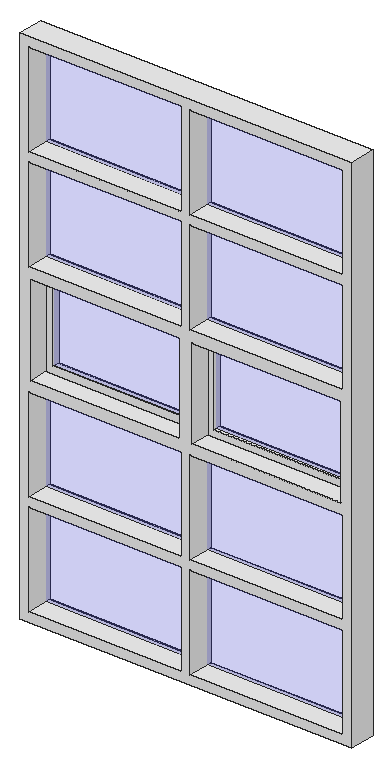
Revit family
Parameters
  창 패널 = ACW1 창 패널
  창 프레임 = ACW1 창 프레임
  Height = 3000 mm
  절반 창 두께 = 창 두께 / 2  # 75 mm
  기본 씰 높이 = 400 mm
  Wall Closure = (empty or 0)
  Width = 1897 mm
  창 두께 = 150 mm
Reference planes
  plane 1: y = 0
  plane 2 "중심(왼쪽/오른쪽)": x = 0
  plane 3 "씰": z = 0
  plane 4 "외부": y = 100
  plane 5 "내부": y = -100
  plane 6: y = -75
  plane 7: y = 75
  plane 8: y = 66
  plane 9: y = 44
  plane 10: y = 35
  plane 11: z = 400
  plane 12: z = 3400
  plane 13: z = 3350
  plane 14: z = 3375
  plane 15: z = 2810
  plane 16: z = 2760
  plane 17: z = 2785
  plane 18: z = 2220
  plane 19: z = 2170
  plane 20: z = 2195
  plane 21: z = 1630
  plane 22: z = 1580
  plane 23: z = 1605
  plane 24: z = 1040
  plane 25: z = 990
  plane 26: z = 1015
  plane 27: x = 948.5
  plane 28: x = -948.5
  plane 29: x = 898.5
  plane 30: x = -898.5
  plane 31: x = 25
  plane 32: x = -25
  plane 33: z = 450
  plane 34: z = 425
  plane 35: z = 2120
  plane 36: z = 1680
  plane 37: x = -848.5
  plane 38: x = -75
  plane 39: x = 75
  plane 40: x = 848.5
  plane 41: x = 888.5
  plane 42: z = 2160
  plane 43: x = 35
  plane 44: x = -35
  plane 45: x = -888.5
  plane 46: z = 1640
  plane 47: x = 461.75
  plane 48: x = -461.75
Forms (mm)
  Extrusion 1, solid, material "ACW1 창 패널" <- "창 패널"
    sketch origin (898.5, 35, 1775) x (-1, 0, 0) y (0, 0, -1)
      loop
        line (0, -1575) -> (873.5, -1575) -> (873.5, -1035) -> (0, -1035) -> (0, -1575)
      loop
        line (923.5, -1575) -> (1797, -1575) -> (1797, -1035) -> (923.5, -1035) -> (923.5, -1575)
      loop
        line (0, -985) -> (873.5, -985) -> (873.5, -445) -> (0, -445) -> (0, -985)
      loop
        line (0, 195) -> (873.5, 195) -> (873.5, 735) -> (0, 735) -> (0, 195)
      loop
        line (0, 785) -> (873.5, 785) -> (873.5, 1325) -> (0, 1325) -> (0, 785)
      loop
        line (923.5, -985) -> (1797, -985) -> (1797, -445) -> (923.5, -445) -> (923.5, -985)
      loop
        line (923.5, 195) -> (1797, 195) -> (1797, 735) -> (923.5, 735) -> (923.5, 195)
      loop
        line (923.5, 785) -> (1797, 785) -> (1797, 1325) -> (923.5, 1325) -> (923.5, 785)
      loop
        line (50, -345) -> (823.5, -345) -> (823.5, 95) -> (50, 95) -> (50, -345)
      loop
        line (973.5, -345) -> (1747, -345) -> (1747, 95) -> (973.5, 95) -> (973.5, -345)
    from -31 to -9
  Extrusion 2, void
    sketch origin (898.5, 35, 1775) x (-1, 0, 0) y (0, 0, -1)
      loop
        line (-50, -1625) -> (1847, -1625) -> (1847, 1375) -> (-50, 1375) -> (-50, -1625)
    from -65 to 135
  Extrusion 3, solid, material "ACW1 창 프레임" <- "창 프레임"
    sketch origin (898.5, 35, 1775) x (-1, 0, 0) y (0, 0, -1)
      loop
        line (-50, -1625) -> (1847, -1625) -> (1847, 1375) -> (-50, 1375) -> (-50, -1625)
      loop
        line (0, -1575) -> (873.5, -1575) -> (873.5, -1035) -> (0, -1035) -> (0, -1575)
      loop
        line (0, -985) -> (873.5, -985) -> (873.5, -445) -> (0, -445) -> (0, -985)
      loop
        line (0, -395) -> (873.5, -395) -> (873.5, 145) -> (0, 145) -> (0, -395)
      loop
        line (0, 195) -> (873.5, 195) -> (873.5, 735) -> (0, 735) -> (0, 195)
      loop
        line (0, 785) -> (873.5, 785) -> (873.5, 1325) -> (0, 1325) -> (0, 785)
      loop
        line (923.5, 785) -> (1797, 785) -> (1797, 1325) -> (923.5, 1325) -> (923.5, 785)
      loop
        line (923.5, 195) -> (1797, 195) -> (1797, 735) -> (923.5, 735) -> (923.5, 195)
      loop
        line (923.5, -395) -> (1797, -395) -> (1797, 145) -> (923.5, 145) -> (923.5, -395)
      loop
        line (923.5, -985) -> (1797, -985) -> (1797, -445) -> (923.5, -445) -> (923.5, -985)
      loop
        line (923.5, -1575) -> (1797, -1575) -> (1797, -1035) -> (923.5, -1035) -> (923.5, -1575)
    from -40 to 110
  Extrusion 4, solid, material "ACW1 창 프레임" <- "창 프레임"
    sketch origin (898.5, 35, 1775) x (-1, 0, 0) y (0, 0, -1)
      loop
        line (0, -395) -> (873.5, -395) -> (873.5, 145) -> (0, 145) -> (0, -395)
      loop
        line (50, -345) -> (823.5, -345) -> (823.5, 95) -> (50, 95) -> (50, -345)
      loop
        line (923.5, -395) -> (1797, -395) -> (1797, 145) -> (923.5, 145) -> (923.5, -395)
      loop
        line (973.5, -345) -> (1747, -345) -> (1747, 95) -> (973.5, 95) -> (973.5, -345)
    from -40 to 0
  Extrusion 5, solid, material "ACW1 창 프레임" <- "창 프레임"
    sketch origin (898.5, 35, 1775) x (-1, 0, 0) y (0, 0, -1)
      loop
        line (0, -395) -> (873.5, -395) -> (873.5, 145) -> (0, 145) -> (0, -395)
      loop
        line (10, -385) -> (863.5, -385) -> (863.5, 135) -> (10, 135) -> (10, -385)
      loop
        line (923.5, -395) -> (1797, -395) -> (1797, 145) -> (923.5, 145) -> (923.5, -395)
      loop
        line (933.5, -385) -> (1787, -385) -> (1787, 135) -> (933.5, 135) -> (933.5, -385)
    from 0 to 110
Cuts and joins
  joined: Extrusion 3, Extrusion 5
Lines and regions (mm)
  Masking region 1
    outline origin (-2165.69, 265, 1225) x (0, 1, 0) y (-1, 0, 0)
      loop
        line (-190, -1217.19) -> (-340, -1217.19) -> (-340, -3114.19) -> (-190, -3114.19) -> (-190, -1217.19)
  symbolic lines, style "입면도 스윙"
    curve 1: line (461.75, 35, 2170) -> (898.5, 35, 1630)
    curve 2: line (461.75, 35, 2170) -> (25, 35, 1630)
    curve 3: line (-461.75, 35, 2170) -> (-25, 35, 1630)
    curve 4: line (-461.75, 35, 2170) -> (-898.5, 35, 1630)
  symbolic lines
    curve 5: line (-948.5, 75, 1225) -> (948.5, 75, 1225)
    curve 6: line (-948.5, 0, 1225) -> (948.5, 0, 1225)
    curve 7: line (-948.5, -75, 1225) -> (948.5, -75, 1225)
    curve 8: line (-948.5, 75, 1225) -> (-948.5, -75, 1225)
    curve 9: line (948.5, 75, 1225) -> (948.5, -75, 1225)
Text (mm)
  text "외부" at (-1963.203, 1332.353, 0), in view "참조 레벨"
  text "내부" at (-1981.466, -818.386, 0), in view "참조 레벨"
  text "외부" at (0, 923.751, 2943.296), in view "오른쪽"
  text "외부" at (0, 1040.484, 2685.409), in view "왼쪽"
Dimensions and locks
  locked: plane 4 "외부" to host wall at 0
  locked: plane 5 "내부" to host wall
  plane 7 to plane 8 to plane 9 to plane 10 = 9 mm locked, 22 mm locked, 9 mm locked
  "기본 씰 높이": plane 3 "씰" to plane 11
  "Height": plane 11 to plane 12
  locked: plane 14 to plane 12 at 25
  plane 13 to plane 14 = 25 mm
  locked: plane 17 to plane 15 at 25
  locked: plane 16 to plane 17 at 25
  locked: plane 20 to plane 18 at 25
  locked: plane 19 to plane 20 at 25
  locked: plane 23 to plane 21 at 25
  locked: plane 22 to plane 23 at 25
  locked: plane 26 to plane 24 at 25
  locked: plane 25 to plane 26 at 25
  equal spacing: plane 28, plane 2 "중심(왼쪽/오른쪽)", plane 27
  "Width": plane 28 to plane 27
  locked: plane 29 to plane 27 at 50
  locked: plane 28 to plane 30 at 50
  locked: plane 2 "중심(왼쪽/오른쪽)" to plane 31 at 25
  locked: plane 2 "중심(왼쪽/오른쪽)" to plane 32 at 25
  locked: plane 11 to plane 34 at 25
  locked: plane 34 to plane 33 at 25
  equal spacing: plane 34, plane 26, plane 23, plane 20, plane 17, plane 14
  "절반 창 두께": plane 7 to plane 1
  "절반 창 두께": plane 6 to plane 1
  locked: plane 35 to plane 19 at 50
  locked: plane 21 to plane 36 at 50
  locked: plane 40 to plane 29 at 50
  locked: plane 31 to plane 39 at 50
  locked: plane 38 to plane 32 at 50
  locked: plane 30 to plane 37 at 50
  locked: plane 42 to plane 19 at 10
  locked: plane 41 to plane 29 at 10
  locked: plane 21 to plane 46 at 10
  locked: plane 31 to plane 43 at 10
  locked: plane 44 to plane 32 at 10
  locked: plane 30 to plane 45 at 10
  equal spacing: plane 31, plane 47, plane 29
  equal spacing: plane 30, plane 48, plane 32
  aligned and locked: plane 3 "씰" to level
  aligned and locked: plane 29 to Extrusion 1 sketch curve  (x5)
  aligned and locked: plane 13 to Extrusion 1 sketch curve  (x2)
  aligned and locked: plane 15 to Extrusion 1 sketch curve  (x2)
  aligned and locked: plane 31 to Extrusion 1 sketch curve  (x2)
  aligned and locked: plane 32 to Extrusion 1 sketch curve  (x4)
  aligned and locked: plane 30 to Extrusion 1 sketch curve
  aligned and locked: plane 16 to Extrusion 1 sketch curve
  aligned and locked: plane 18 to Extrusion 1 sketch curve  (x2)
  aligned and locked: Extrusion 1 sketch curve to plane 22  (x2)
  aligned and locked: plane 24 to Extrusion 1 sketch curve  (x2)
  aligned and locked: Extrusion 1 sketch curve to plane 31  (x2)
  aligned and locked: Extrusion 1 sketch curve to plane 25  (x2)
  aligned and locked: plane 33 to Extrusion 1 sketch curve  (x2)
  aligned and locked: Extrusion 1 sketch curve to plane 16
  aligned and locked: Extrusion 1 sketch curve to plane 30  (x3)
  aligned and locked: plane 8 to Extrusion 1
  aligned and locked: Extrusion 1 to plane 9
  aligned and locked: plane 27 to Extrusion 2 sketch curve
  aligned and locked: plane 12 to Extrusion 2 sketch curve
  aligned and locked: plane 11 to Extrusion 2 sketch curve
  aligned and locked: plane 28 to Extrusion 2 sketch curve
  aligned and locked: Extrusion 2 to plane 4 "외부"
  aligned and locked: host wall to Extrusion 2
  aligned and locked: Extrusion 3 sketch curve to plane 12
  aligned and locked: plane 27 to Extrusion 3 sketch curve
  aligned and locked: Extrusion 3 sketch curve to plane 28
  aligned and locked: plane 11 to Extrusion 3 sketch curve
  aligned and locked: plane 29 to Extrusion 3 sketch curve  (x5)
  aligned and locked: plane 13 to Extrusion 3 sketch curve
  aligned and locked: plane 15 to Extrusion 3 sketch curve  (x2)
  aligned and locked: plane 31 to Extrusion 3 sketch curve
  aligned and locked: Extrusion 3 sketch curve to plane 13
  aligned and locked: plane 32 to Extrusion 3 sketch curve  (x5)
  aligned and locked: Extrusion 3 sketch curve to plane 30  (x5)
  aligned and locked: Extrusion 3 sketch curve to plane 16  (x2)
  aligned and locked: plane 18 to Extrusion 3 sketch curve  (x2)
  aligned and locked: Extrusion 3 sketch curve to plane 31  (x4)
  aligned and locked: Extrusion 3 sketch curve to plane 19  (x2)
  aligned and locked: plane 21 to Extrusion 3 sketch curve  (x2)
  aligned and locked: Extrusion 3 sketch curve to plane 22  (x2)
  aligned and locked: plane 24 to Extrusion 3 sketch curve  (x2)
  aligned and locked: Extrusion 3 sketch curve to plane 25  (x2)
  aligned and locked: plane 33 to Extrusion 3 sketch curve  (x2)
  aligned and locked: plane 7 to Extrusion 3
  aligned and locked: Extrusion 3 to plane 6
  aligned and locked: plane 40 to Extrusion 1 sketch curve
  aligned and locked: plane 35 to Extrusion 1 sketch curve
  aligned and locked: plane 36 to Extrusion 1 sketch curve  (x2)
  aligned and locked: plane 39 to Extrusion 1 sketch curve
  aligned and locked: Extrusion 1 sketch curve to plane 35
  aligned and locked: plane 38 to Extrusion 1 sketch curve
  aligned and locked: Extrusion 1 sketch curve to plane 37
  aligned and locked: Extrusion 4 sketch curve to plane 19  (x2)
  aligned and locked: plane 29 to Extrusion 4 sketch curve
  aligned and locked: plane 21 to Extrusion 4 sketch curve  (x2)
  aligned and locked: Extrusion 4 sketch curve to plane 31
  aligned and locked: Extrusion 4 sketch curve to plane 35  (x2)
  aligned and locked: plane 40 to Extrusion 4 sketch curve
  aligned and locked: plane 36 to Extrusion 4 sketch curve  (x2)
  aligned and locked: Extrusion 4 sketch curve to plane 39
  aligned and locked: plane 32 to Extrusion 4 sketch curve
  aligned and locked: Extrusion 4 sketch curve to plane 30
  aligned and locked: plane 38 to Extrusion 4 sketch curve
  aligned and locked: Extrusion 4 sketch curve to plane 37
  aligned and locked: plane 7 to Extrusion 4
  aligned and locked: Extrusion 4 to plane 10
  aligned and locked: Extrusion 5 sketch curve to plane 19  (x2)
  aligned and locked: plane 29 to Extrusion 5 sketch curve
  aligned and locked: plane 21 to Extrusion 5 sketch curve  (x2)
  aligned and locked: Extrusion 5 sketch curve to plane 31
  aligned and locked: Extrusion 5 sketch curve to plane 42  (x2)
  aligned and locked: plane 41 to Extrusion 5 sketch curve
  aligned and locked: plane 46 to Extrusion 5 sketch curve  (x2)
  aligned and locked: Extrusion 5 sketch curve to plane 43
  aligned and locked: plane 32 to Extrusion 5 sketch curve
  aligned and locked: Extrusion 5 sketch curve to plane 30
  aligned and locked: plane 44 to Extrusion 5 sketch curve
  aligned and locked: Extrusion 5 sketch curve to plane 45
  aligned and locked: plane 10 to cut or joined group of Extrusion 3, Extrusion 5
  aligned and locked: cut or joined group of Extrusion 3, Extrusion 5 to plane 6
  aligned and locked: plane 21 to curve 1
  aligned and locked: plane 29 to curve 1
  aligned and locked: plane 47 to curve 2
  aligned and locked: plane 19 to curve 2
  aligned and locked: plane 21 to curve 2
  aligned and locked: plane 31 to curve 2
  aligned and locked: plane 48 to curve 3
  aligned and locked: plane 21 to curve 3
  aligned and locked: plane 32 to curve 3
  aligned and locked: plane 19 to curve 4
  aligned and locked: plane 30 to curve 4
  aligned and locked: plane 21 to curve 4
  aligned and locked: plane 28 to curve 6
  aligned and locked: plane 27 to curve 5
  aligned and locked: curve 5 to plane 7
  aligned and locked: host wall to curve 6
  aligned and locked: curve 7 to plane 6
  aligned and locked: plane 28 to curve 8
  aligned and locked: Masking region 1 sketch curve to cut or joined group of Extrusion 3, Extrusion 5  (x3)
  aligned and locked: curve 5 to curve 9
  aligned and locked: curve 7 to curve 9
Automatic sketch dimensions
  Masking region 1 sketch curve to plane 28 = 0 mm
